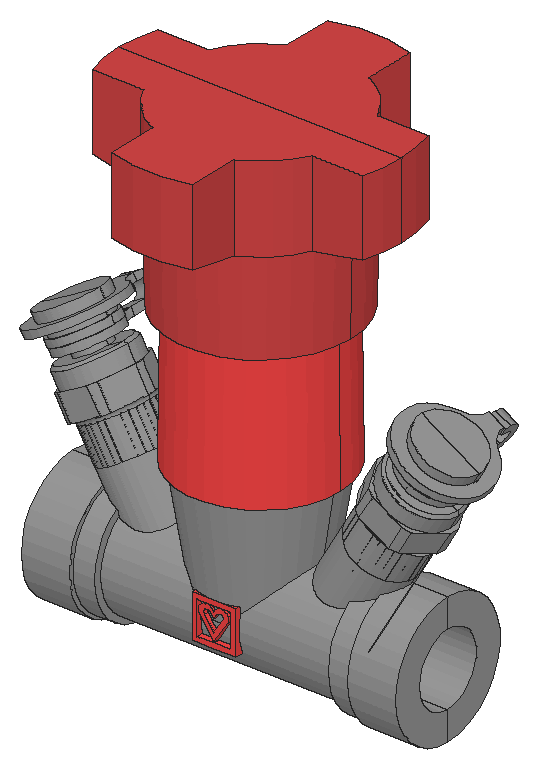
Revit family "HERZ Strömax Commissioning Valve With Test Points 4217 GN", category Rohrzubehör, Revit 2019
Family settings
  Bemaßung runder Anschluss = Durchmesser verwenden
  Teiletyp = Unterbricht
  OmniClass-Nummer = 23.65.55.14
  OmniClass-Titel = Valves for Liquid Services
  Arbeitsebenenbasiert = Nein
  Immer vertikal = Ja
  Beim Laden mit Abzugskörper schneiden = Nein
  Gemeinsam genutzt = Nein
Parameters
  kvs-value [instance] = if(Nennweite = 15.00 mm, 1.14, if(Nennweite = 20.00 mm, 2.38, if(Nennweite = 25.00 mm, 5.24, if(Nennweite = 32.00 mm, 8.6, if(Nennweite = 40.00 mm, 10.49, if(Nennweite = 50.00 mm, 16.78, 0))))))  # 1.14
  W02 = 60.00°  # constant formula
  W01 = 30.00°  # constant formula
  URL = "www.herzvalves.com"
  Spindle seals = "EPDM"  # constant formula
  Spindle = "brass CW617N"  # constant formula
  SC_NennweiteBerechnet = 0
  SC_Dimension = ""
  SCRNSEQ = "ARM;ARM_TYP=\"STRV\";2"
  SCRNCODE = "05;07;02"  # constant formula
  S02 = 60.00 mm  # constant formula
  S01 [instance] = DN15_DN50  # 92.00 mm
  R01 [instance] = size_lookup("4217_GN_", "R1", 1.00 mm, Nennweite)  # 11.35 mm
  Part number [instance] = size_lookup("4217_GN_", "Artnr", 0, Nennweite)  # 1421771
  Nennweite [instance] = 15.00 mm
  Model = "STRÖMAX-GN commissioning valve with equal percentage characteristic graph and test points, 1/2′′ – 2′′.\r\nScrew down model, brass version, socket x socket, non-rising spindle, spindle seal by means of double-O-ring, presetting by limitation of valve lift by means of internal spindle;\r\ndisplay of presetting step on the handwheel shaft."
  Medium = "Water purity in accordance with the OeNORM H5195 and VDI 2035 standards.\r\nEthylene and propylene glycol can be mixed to a ratio of 25 - 50 vol. %."
  Max. operating pressure = 2500000.0 Pa  # constant formula
  Max. operating temperature (up to DN32) = 130 °C  # constant formula
  Max. operating temperature (from DN40) = 110 °C  # constant formula
  ML02 [instance] = size_lookup("4217_GN_", "ML2", 1.00 mm, Nennweite)  # 29.70 mm
  ML01 [instance] = size_lookup("4217_GN_", "ML1", 1.00 mm, Nennweite)  # 15.15 mm
  MD01 = 7.40 mm  # constant formula
  L02 [instance] = size_lookup("4217_GN_", "L2", 1.00 mm, Nennweite)  # 10.00 mm
  L01 [instance] = size_lookup("4217_GN_", "L1", 1.00 mm, Nennweite)  # 14.70 mm
  L00 [instance] = size_lookup("4217_GN_", "L", 1.00 mm, Nennweite)  # 78.00 mm
  Internal threaded connectors = "acc. ISO 7/1"  # constant formula
  IG [instance] = Nennweite / 2  # 7.50 mm
  Hersteller = "HERZ Armaturen Ges.m.b.H."  # constant formula
  Hand wheel = "Polyamide, red"  # constant formula
  H01 = 41.50 mm  # constant formula
  H00 [instance] = size_lookup("4217_GN_", "H", 1.00 mm, Nennweite)  # 25.40 mm
  Weight [instance] = if(Nennweite = 15.00 mm, "0.50 kg", if(Nennweite = 20.00 mm, "0.58 kg", if(Nennweite = 25.00 mm, "0.81 kg", if(Nennweite = 32.00 mm, "1.2 kg", if(Nennweite = 40.00 mm, "1.37 kg", if(Nennweite = 50.00 mm, "2.06 kg", "0 kg"))))))  # "0.50 kg"
  GT [instance] = size_lookup("4217_GN_", "GT", 1.00 mm, Nennweite)  # 13.20 mm
  Field of application = "For hydraulic balancing in heating and cooling systems, adjustment of distribution mains, circuits, heat exchangers, heating and cooling registers, etc.\r\nClose the valve clockwise."
  Installation position = "The non-rising valve spindle arranged perpendicular to the valve axis guarantees optimum accessibility and optimum valve operation in any installation position."
  Differential pressure measurement = "STRÖMAX-GN commissioning valve is equipped with two test points.\r\nThe differential pressure can be measured using a suitable measuring instrument, which permits calculation of the flow rate as a function of the respective presetting step.\r\nThe HERZ-Measuring computer (1 8900 05) permits direct flow rate reading (consult the equipment manual)."
  DN50 [instance] = Nennweite = 50.00 mm  # no
  DN40 [instance] = Nennweite = 40.00 mm  # no
  DN32 [instance] = Nennweite = 32.00 mm  # no
  DN25 [instance] = Nennweite = 25.00 mm  # no
  DN20 [instance] = Nennweite = 20.00 mm  # no
  DN15_DN50 [instance] = if(Nennweite = 15.00 mm, 92.00 mm, if(Nennweite = 20.00 mm, 95.00 mm, if(Nennweite = 25.00 mm, 102.00 mm, if(Nennweite = 32.00 mm, 114.00 mm, if(Nennweite = 40.00 mm, 114.00 mm, if(Nennweite = 50.00 mm, 119.00 mm, 0.00 mm))))))  # 92.00 mm
  DN15 [instance] = Nennweite = 15.00 mm  # yes
  D05 = 16.75 mm  # constant formula
  D04 = 16.25 mm  # constant formula
  D03 [instance] = size_lookup("4217_GN_", "D3", 1.00 mm, Nennweite)  # 15.50 mm
  D02 [instance] = size_lookup("4217_GN_", "D2", 1.00 mm, Nennweite)  # 13.50 mm
  D01 [instance] = size_lookup("4217_GN_", "D1", 1.00 mm, Nennweite)  # 12.70 mm
  Body = "brass CW602N"  # constant formula
Reference planes
  plane 1 "Mitte (Vorne/hinten)": y = 0
  plane 2: z = 0
  plane 3 "Mitte (Links/rechts)": x = 0
Forms (mm)
  Revolve 1, solid, material "Messing, weicher Gelbton, geschweißt", detail levels fine
    sketch origin (0, 0, 0) x (1, 0, 0) y (0, 0, 1)
      loop
        line (-39, 13.5) -> (-39, 7.5) -> (-25.8, 7.5) -> (-25.8, 0) -> (25.8, 0) -> (25.8, 7.5) -> (39, 7.5) -> (39, 13.5) -> (29, 13.5) -> (29, 12.7) -> (24.3, 12.7) -> (24.3, 11.35) -> (-24.3, 11.35) -> (-24.3, 12.7) -> (-29, 12.7) -> (-29, 13.5) -> (-39, 13.5)
      axis (-39, 0) -> (39, 0)
    angle from 0 to 360
  Revolve 2, solid, material "Messing, weicher Gelbton, geschweißt", detail levels fine
    sketch origin (0, 0, 0) x (1, 0, 0) y (0, 0, 1)
      loop
        line (15.15, 0) -> (30, 25.721) -> (23.591, 29.421) -> (8.741, 3.7) -> (15.15, 0)
      axis (15.15, 0) -> (30, 25.721)
    angle from 0 to 360
  Revolve 3, solid, material "Messing, weicher Gelbton, geschweißt", detail levels fine
    sketch origin (0, 0, 0) x (-1, 0, 0) y (0, 0, 1)
      loop
        line (15.15, 0) -> (30, 25.721) -> (23.591, 29.421) -> (8.741, 3.7) -> (15.15, 0)
      axis (15.15, 0) -> (30, 25.721)
    angle from 0 to 360
  Revolve 4, solid, material "Messing, weicher Gelbton, geschweißt", detail levels fine
    sketch origin (0, 0, 0) x (1, 0, 0) y (0, 0, 1)
      loop
        line (0, 0) -> (0, 25.4) -> (-15.5, 25.4) -> (-11.35, 0) -> (0, 0)
      axis (0, 25.4) -> (0, 0)
    angle from 0 to 360
  Revolve 5, solid, material "Kunsstoff rot", detail levels fine
    sketch origin (0, 0, 0) x (1, 0, 0) y (0, 0, 1)
      loop
        line (0, 25.4) -> (0, 66.9) -> (-16.25, 66.9) -> (-16.75, 25.4) -> (0, 25.4)
      axis (0, 66.9) -> (0, 25.4)
    angle from 0 to 360
Lines and regions (mm)
  model lines, detail levels coarse+medium
    curve 1: line (-39, 0, 13.5) -> (-39, 0, -13.5)
    curve 2: line (-39, 0, -13.5) -> (39, 0, 13.5)
    curve 3: line (39, 0, 13.5) -> (39, 0, -13.5)
    curve 4: line (39, 0, -13.5) -> (-39, 0, 13.5)
    curve 5: line (0, 0, 0) -> (53.116, 0, 92)
    curve 6: line (27.135, 0, 107) -> (79.097, 0, 77)
    curve 7: line (-39, 13.5, 0) -> (-39, -13.5, 0)
    curve 8: line (-39, -13.5, 0) -> (39, 13.5, 0)
    curve 9: line (39, 13.5, 0) -> (39, -13.5, 0)
    curve 10: line (39, -13.5, 0) -> (-39, 13.5, 0)
    curve 11: line (0, 0, 0) -> (53.116, 92, 0)
    curve 12: line (27.135, 107, 0) -> (79.097, 77, 0)
Dimensions and locks
  "IG": Revolve 1 sketch curve to plane 2
  "GT": Revolve 1 sketch curve to Revolve 1 sketch curve  (x2)
  "IG": Revolve 1 sketch curve to Revolve 1 sketch curve
  "D01": Revolve 1 sketch curve to Revolve 1 sketch curve  (x2)
  "L02": Revolve 1 sketch curve to Revolve 1 sketch curve  (x2)
  "D02": Revolve 1 sketch curve to plane 2  (x2)
  equal spacing: Revolve 1 sketch curve, plane 3 "Mitte (Links/rechts)", Revolve 1 sketch curve
  "L00": Revolve 1 sketch curve to Revolve 1 sketch curve
  "R01": nested 1 to plane 1 "Mitte (Vorne/hinten)"
  "ML01": Revolve 2 sketch curve to plane 3 "Mitte (Links/rechts)"
  "ML02": Revolve 2 sketch curve to Revolve 2 sketch curve
  "MD01": Revolve 2 sketch curve to Revolve 2 sketch curve  (x2)
  "ML02": Revolve 3 sketch curve to Revolve 3 sketch curve
  "MD01": Revolve 3 sketch curve to Revolve 3 sketch curve  (x2)
  "ML01": plane 3 "Mitte (Links/rechts)" to Revolve 3 sketch curve
  "D02": curve 4 to plane 2 to curve 2
  "D02": curve 3 to plane 2 to curve 4
  equal spacing: curve 1, plane 3 "Mitte (Links/rechts)", curve 3
  "L00": curve 1 to curve 3
  equal spacing: Revolve 1, curve 5, Revolve 1
  "S01": curve 5 to plane 2
  equal spacing: curve 6, curve 5, curve 6
  "S02": curve 6 to curve 6
  "D02": curve 8 to plane 1 "Mitte (Vorne/hinten)" to curve 10
  "D02": curve 10 to plane 1 "Mitte (Vorne/hinten)" to curve 9
  equal spacing: curve 7, plane 3 "Mitte (Links/rechts)", curve 9
  "L00": curve 7 to curve 9
  equal spacing: curve 7, curve 11, curve 9
  "S01": plane 1 "Mitte (Vorne/hinten)" to curve 11
  equal spacing: curve 12, curve 11, curve 12
  "S02": curve 12 to curve 12
  "R01": Revolve 1 sketch curve to plane 2
  "H00": Revolve 4 sketch curve to plane 2
  "D03": Revolve 4 sketch curve to Revolve 4 sketch curve
  "R01": Revolve 4 sketch curve to Revolve 4 sketch curve
  "L01": Revolve 1 sketch curve to Revolve 1 sketch curve  (x2)
  "H01": Revolve 5 sketch curve to Revolve 5 sketch curve
  "H00": Revolve 5 sketch curve to plane 2
  "D04": Revolve 5 sketch curve to Revolve 5 sketch curve
  "D05": Revolve 5 sketch curve to Revolve 5 sketch curve
  "DN15_DN50": nested 14 to plane 2
  "W01": angle Revolve 2 sketch curve to plane 3 "Mitte (Links/rechts)"  (x2)
  "W01": angle plane 3 "Mitte (Links/rechts)" to Revolve 3 sketch curve  (x2)
  "W02": angle plane 2 to curve 5
  "W02": angle plane 1 "Mitte (Vorne/hinten)" to curve 11
  aligned and locked: level to plane 2
Automatic sketch dimensions
  Revolve 1 sketch curve to level = 0.00 mm  (x2)
  Revolve 1 sketch curve to Revolve 1 sketch curve = 1429.986 mm
  Revolve 1 sketch curve to Revolve 1 sketch curve = 1762.604 mm
  Revolve 2 sketch curve to level = 0.00 mm  (x2)
  Revolve 3 sketch curve to level = 0.00 mm  (x2)
  Revolve 4 sketch curve to level = 0.00 mm
  Revolve 4 sketch curve to plane 3 "Mitte (Links/rechts)" = 0.00 mm  (x2)
  Revolve 4 sketch curve to level = 366.045 mm
  Revolve 4 sketch curve to Revolve 4 sketch curve = 2188.915 mm
  Revolve 5 sketch curve to plane 3 "Mitte (Links/rechts)" = 0.00 mm  (x2)
  Revolve 5 sketch curve to level = 366.045 mm
  Revolve 5 sketch curve to Revolve 5 sketch curve = 2147.415 mm
Nested families
  nested 1: "Herz-Logo-vorne" at (0, -11.35, 0) x (0, 1, 0) z (0, 0, 1), type "Herz-Logo-vorne", detail levels fine
  nested 2: "Messstutzen_Band_Austritt_30Grad_(oben)" at (37.95, 0, 29.878), visible <- "DN50", type "Messstutzen_Band_Austritt_30Grad_(oben)", detail levels fine
    with Schutzkappe yes, Nennweite 0.00 mm, Gewicht 0.00 kg, Bestellnummer 0
  nested 3: "Messstutzen_Band_Eintritt_30Grad_(oben)" at (-37.95, 0, 29.878) x (-1, 0, 0) z (0, 0, 1), visible <- "DN50", type "Messstutzen_Band_Eintritt_30Grad_(oben)", detail levels fine
    with Schutzkappe yes, Nennweite 0.00 mm, Gewicht 0.00 kg, Bestellnummer 0
  nested 4: "Messstutzen_Band_Austritt_30Grad_(oben)" at (21.25, 0, 10.566), visible <- "DN15", type "Messstutzen_Band_Austritt_30Grad_(oben)", detail levels fine
    with Schutzkappe yes, Nennweite 0.00 mm, Gewicht 0.00 kg, Bestellnummer 0
  nested 5: "Messstutzen_Band_Eintritt_30Grad_(oben)" at (-21.25, 0, 10.566) x (-1, 0, 0) z (0, 0, 1), visible <- "DN15", type "Messstutzen_Band_Eintritt_30Grad_(oben)", detail levels fine
    with Schutzkappe yes, Nennweite 0.00 mm, Gewicht 0.00 kg, Bestellnummer 0
  nested 6: "Messstutzen_Band_Eintritt_30Grad_(oben)" at (-20.175, 0, 12.601) x (-1, 0, 0) z (0, 0, 1), visible <- "DN20", type "Messstutzen_Band_Eintritt_30Grad_(oben)", detail levels fine
    with Schutzkappe yes, Nennweite 0.00 mm, Gewicht 0.00 kg, Bestellnummer 0
  nested 7: "Messstutzen_Band_Austritt_30Grad_(oben)" at (20.175, 0, 12.601), visible <- "DN20", type "Messstutzen_Band_Austritt_30Grad_(oben)", detail levels fine
    with Schutzkappe yes, Nennweite 0.00 mm, Gewicht 0.00 kg, Bestellnummer 0
  nested 8: "Messstutzen_Band_Eintritt_30Grad_(oben)" at (-21.8, 0, 15.762) x (-1, 0, 0) z (0, 0, 1), visible <- "DN25", type "Messstutzen_Band_Eintritt_30Grad_(oben)", detail levels fine
    with Schutzkappe yes, Nennweite 0.00 mm, Gewicht 0.00 kg, Bestellnummer 0
  nested 9: "Messstutzen_Band_Austritt_30Grad_(oben)" at (21.8, 0, 15.762), visible <- "DN25", type "Messstutzen_Band_Austritt_30Grad_(oben)", detail levels fine
    with Schutzkappe yes, Nennweite 0.00 mm, Gewicht 0.00 kg, Bestellnummer 0
  nested 10: "Messstutzen_Band_Eintritt_30Grad_(oben)" at (-27.95, 0, 20.352) x (-1, 0, 0) z (0, 0, 1), visible <- "DN32", type "Messstutzen_Band_Eintritt_30Grad_(oben)", detail levels fine
    with Schutzkappe yes, Nennweite 0.00 mm, Gewicht 0.00 kg, Bestellnummer 0
  nested 11: "Messstutzen_Band_Austritt_30Grad_(oben)" at (27.95, 0, 20.352), visible <- "DN32", type "Messstutzen_Band_Austritt_30Grad_(oben)", detail levels fine
    with Schutzkappe yes, Nennweite 0.00 mm, Gewicht 0.00 kg, Bestellnummer 0
  nested 12: "Messstutzen_Band_Eintritt_30Grad_(oben)" at (-33.7, 0, 23.729) x (-1, 0, 0) z (0, 0, 1), visible <- "DN40", type "Messstutzen_Band_Eintritt_30Grad_(oben)", detail levels fine
    with Schutzkappe yes, Nennweite 0.00 mm, Gewicht 0.00 kg, Bestellnummer 0
  nested 13: "Messstutzen_Band_Austritt_30Grad_(oben)" at (33.7, 0, 23.729), visible <- "DN40", type "Messstutzen_Band_Austritt_30Grad_(oben)", detail levels fine
    with Schutzkappe yes, Nennweite 0.00 mm, Gewicht 0.00 kg, Bestellnummer 0
  nested 14: "Strangregulierventil-Handrad_(Rot) DN15-DN50" at (0, 0, 54.6), type "Strangregulierventil-Handrad_(Rot) DN15-DN50", detail levels fine
Connectors
  piping at (-25.8, 0, 0), diameter 15, driven by "Nennweite"
    settings: on Revolve 1, index 1, connector inside diameter 609.6 mm, connector length 0.00 mm, flow factor 0, pipe flow 0.0 L/s, pressure drop 0.0 Pa, fitting loss kfactor 0, connector angle 0.00°, fixture units 0, engagement length 0.00 mm, angle of deflection 0.00°, flow configuration 0, flow direction 1, fitting loss method 0, system type 29, joint type 0, gender type 0, connector reference index -1, connector utility 0, adjustable connector no, is connector primary yes, connector description ""
  piping at (25.8, 0, 0), diameter 15, driven by "Nennweite"
    settings: on Revolve 1, index 2, connector inside diameter 609.6 mm, connector length 0.00 mm, flow factor 0, pipe flow 0.0 L/s, pressure drop 0.0 Pa, fitting loss kfactor 0, connector angle 0.00°, fixture units 0, engagement length 0.00 mm, angle of deflection 0.00°, flow configuration 0, flow direction 2, fitting loss method 0, system type 29, joint type 0, gender type 0, connector reference index -1, connector utility 0, adjustable connector no, is connector primary no, connector description ""
Definition of nested family "Herz-Logo-vorne"
  Reference planes
    plane 1 "Mitte (Vorne/hinten)": y = 0
    plane 2: z = 0
    plane 3 "Mitte (Links/rechts)": x = 0
  Forms (mm)
    Extrusion 1, solid
      sketch origin (0.732, -0.018, 0.017) x (0, -1, 0) y (0, 0, 1)
        loop
          line (-0.018, -4.517) -> (4.482, -4.517) -> (4.482, 4.483) -> (-4.518, 4.483) -> (-4.518, -4.517) -> (-0.018, -4.517)
        loop
          line (-0.05, -3.48) -> (3.482, -3.48) -> (3.482, 3.483) -> (-3.518, 3.483) -> (-3.518, -3.48) -> (-0.05, -3.48)
        loop
          arc (-0.018, 2.383) -> (-1.543, 3.287) -> (-3.067, 2.383) r 1.738
          arc (-3.067, 2.383) -> (-3.191, 1.899) -> (-3.067, 1.415) r 1.009
          line (-3.067, 1.415) -> (-0.018, -3.281) -> (3.032, 1.415)
          arc (3.032, 1.415) -> (3.156, 1.899) -> (3.032, 2.383) r 1.009
          arc (3.032, 2.383) -> (1.507, 3.287) -> (-0.018, 2.383) r 1.738
        loop
          arc (1.885, 1.272) -> (2.005, 1.675) -> (1.885, 2.079) r 0.74
          arc (1.885, 2.079) -> (1.265, 2.416) -> (0.644, 2.079) r 0.74
          line (0.644, 2.079) -> (-0.018, 0.97) -> (-0.679, 2.079)
          arc (-0.679, 2.079) -> (-1.3, 2.416) -> (-1.921, 2.079) r 0.74
          arc (-1.921, 2.079) -> (-2.04, 1.675) -> (-1.921, 1.272) r 0.74
          line (-1.921, 1.272) -> (-0.018, -1.658) -> (1.885, 1.272)
      from 0 to 1.5
  Dimensions and locks
    aligned and locked: level to plane 2
Definition of nested family "Messstutzen_Band_Austritt_30Grad_(oben)"
  Parameters (values of type "Messstutzen_Band_Austritt_30Grad_(oben)")
    URL = "www.herz-armaturen.at"
    Schutzkappe [instance] = yes
    Nennweite [instance] = 0.00 mm
    Manufacturer = "Herz Armaturen GmbH"  # constant formula
    Gewicht [instance] = 0.00 kg
    Bestellnummer [instance] = 0
  Reference planes
    plane 1 "Mitte (Vorne/hinten)": y = 0
    plane 2: z = 0
    plane 3 "Mitte (Links/rechts)": x = 0
  Forms (mm)
    Revolve 1, solid, detail levels fine
      sketch origin (0, 0, 0) x (0.866025, 0, -0.5) y (0.5, 0, 0.866025)
        loop
          line (-7.4, 9) -> (-5.55, 9) -> (-5.55, 6)
          arc (-5.55, 6) -> (-5.626, 5.617) -> (-5.843, 5.293) r 1
          line (-5.843, 5.293) -> (-6.455, 4.681) -> (-6.455, 0.9) -> (-5.555, 0) -> (-2, 0) -> (-2, 17.5) -> (-8.4, 17.5)
          arc (-8.4, 17.5) -> (-7.693, 17.207) -> (-7.4, 16.5) r 1
          line (-7.4, 16.5) -> (-7.4, 9)
        loop
          line (-3.7, 27) -> (-7.3, 27) -> (-7.9, 26.4) -> (-7.9, 23) -> (-2, 23) -> (-2, 35.8) -> (-3.805, 35.8) -> (-4.415, 35.19) -> (-4.415, 30.863) -> (-3.7, 30.45) -> (-3.7, 27)
        axis (0, 0) -> (0, 35.8)
      angle from 0 to 360
    Extrusion 2, solid, detail levels fine
      sketch origin (8.75, 0, 15.155) x (0, 1, 0) y (-0.866025, 0, 0.5)
        loop
          arc (-7.07, 5.156) -> (-7.578, 4.375) -> (-8, 3.544) r 8.75
          line (-8, 3.544) -> (-8, -3.544)
          arc (-8, -3.544) -> (-7.578, -4.375) -> (-7.07, -5.156) r 8.75
          line (-7.07, -5.156) -> (-0.93, -8.7)
          arc (-0.93, -8.7) -> (0, -8.75) -> (0.93, -8.7) r 8.75
          line (0.93, -8.7) -> (7.07, -5.156)
          arc (7.07, -5.156) -> (7.578, -4.375) -> (8, -3.544) r 8.75
          line (8, -3.544) -> (8, 3.544)
          arc (8, 3.544) -> (7.578, 4.375) -> (7.07, 5.156) r 8.75
          line (7.07, 5.156) -> (0.93, 8.7)
          arc (0.93, 8.7) -> (0, 8.75) -> (-0.93, 8.7) r 8.75
          line (-0.93, 8.7) -> (-7.07, 5.156)
      from 0 to 5.5
    Revolve 3, solid, visible <- "Schutzkappe", detail levels fine
      sketch origin (0, 0, 0) x (0.866025, 0, -0.5) y (0.5, 0, 0.866025)
        loop
          line (0, 35.878) -> (0, 36.678) -> (-7, 36.678) -> (-7, 33.378) -> (-6.1, 33.378) -> (-6.1, 31.678) -> (-6.9, 31.678) -> (-6.9, 30.178) -> (-4.415, 30.178) -> (-4.415, 35.268) -> (-3.805, 35.878) -> (0, 35.878)
        axis (0, 30.178) -> (0, 36.678)
      angle from 0 to 360
    Extrusion 4, solid, detail levels fine
      sketch origin (14.25, 0, 24.682) x (0, 1, 0) y (0.866025, 0, -0.5)
        loop
          circle (0, 0) r 3.7
        loop
          arc (5.505, -3.906) -> (7.288, -2.358) -> (9.582, -1.8) r 5
          line (9.582, -1.8) -> (9.582, 1.8)
          arc (9.582, 1.8) -> (7.288, 2.358) -> (5.505, 3.906) r 5
          arc (5.505, 3.906) -> (-6.75, 0) -> (5.505, -3.906) r 6.75
      from 0 to -1.5
    Extrusion 5, solid, detail levels fine
      sketch origin (16.589, 0, 28.733) x (0, 1, 0) y (0.866025, 0, -0.5)
        loop
          circle (0, 0) r 6.1
        loop
          arc (8.652, -4.495) -> (10.493, -2.527) -> (13.089, -1.8) r 5
          line (13.089, -1.8) -> (13.089, 1.8)
          arc (13.089, 1.8) -> (10.493, 2.527) -> (8.652, 4.495) r 5
          arc (8.652, 4.495) -> (-9.75, 0) -> (8.652, -4.495) r 9.75
      from 0 to -1.5
    Sweep 6, solid, detail levels fine
      path origin (1.029, 0.159, 0.98) x (-0.5, 0, -0.866025) y (0, 1, 0)
        loop
          line (-27.75, 9.582) -> (-27.75, 14.522)
          arc (-27.75, 14.522) -> (-30.089, 16.862) -> (-32.428, 14.522) r 2.339
          line (-32.428, 14.522) -> (-32.428, 13.089)
      profile origin (14.904, 12.211, 25.012) x (0.5, 0, 0.866025) y (0.866025, 0, -0.5)
        loop
          line (-0.75, -1.8) -> (0.75, -1.8) -> (0.75, 1.8) -> (-0.75, 1.8) -> (-0.75, -1.8)
  Dimensions and locks
    aligned and locked: level to plane 2
Definition of nested family "Messstutzen_Band_Eintritt_30Grad_(oben)"
  Parameters (values of type "Messstutzen_Band_Eintritt_30Grad_(oben)")
    URL = "www.herz-armaturen.at"
    Schutzkappe [instance] = yes
    Nennweite [instance] = 0.00 mm
    Manufacturer = "Herz Armaturen GmbH"  # constant formula
    Gewicht [instance] = 0.00 kg
    Bestellnummer [instance] = 0
  Reference planes
    plane 1 "Mitte (Vorne/hinten)": y = 0
    plane 2: z = 0
    plane 3 "Mitte (Links/rechts)": x = 0
  Forms (mm)
    Revolve 1, solid, detail levels fine
      sketch origin (0, 0, 0) x (0.866025, 0, -0.5) y (0.5, 0, 0.866025)
        loop
          line (-7.4, 9) -> (-5.55, 9) -> (-5.55, 6)
          arc (-5.55, 6) -> (-5.626, 5.617) -> (-5.843, 5.293) r 1
          line (-5.843, 5.293) -> (-6.455, 4.681) -> (-6.455, 0.9) -> (-5.555, 0) -> (-2, 0) -> (-2, 17.5) -> (-8.4, 17.5)
          arc (-8.4, 17.5) -> (-7.693, 17.207) -> (-7.4, 16.5) r 1
          line (-7.4, 16.5) -> (-7.4, 9)
        loop
          line (-3.7, 27) -> (-7.3, 27) -> (-7.9, 26.4) -> (-7.9, 23) -> (-2, 23) -> (-2, 35.8) -> (-3.805, 35.8) -> (-4.415, 35.19) -> (-4.415, 30.863) -> (-3.7, 30.45) -> (-3.7, 27)
        axis (0, 0) -> (0, 35.8)
      angle from 0 to 360
    Extrusion 2, solid, detail levels fine
      sketch origin (8.75, 0, 15.155) x (0, 1, 0) y (-0.866025, 0, 0.5)
        loop
          arc (-7.07, 5.156) -> (-7.578, 4.375) -> (-8, 3.544) r 8.75
          line (-8, 3.544) -> (-8, -3.544)
          arc (-8, -3.544) -> (-7.578, -4.375) -> (-7.07, -5.156) r 8.75
          line (-7.07, -5.156) -> (-0.93, -8.7)
          arc (-0.93, -8.7) -> (0, -8.75) -> (0.93, -8.7) r 8.75
          line (0.93, -8.7) -> (7.07, -5.156)
          arc (7.07, -5.156) -> (7.578, -4.375) -> (8, -3.544) r 8.75
          line (8, -3.544) -> (8, 3.544)
          arc (8, 3.544) -> (7.578, 4.375) -> (7.07, 5.156) r 8.75
          line (7.07, 5.156) -> (0.93, 8.7)
          arc (0.93, 8.7) -> (0, 8.75) -> (-0.93, 8.7) r 8.75
          line (-0.93, 8.7) -> (-7.07, 5.156)
      from 0 to 5.5
    Revolve 3, solid, visible <- "Schutzkappe", detail levels fine
      sketch origin (0, 0, 0) x (0.866025, 0, -0.5) y (0.5, 0, 0.866025)
        loop
          line (0, 35.878) -> (0, 36.678) -> (-7, 36.678) -> (-7, 33.378) -> (-6.1, 33.378) -> (-6.1, 31.678) -> (-6.9, 31.678) -> (-6.9, 30.178) -> (-4.415, 30.178) -> (-4.415, 35.268) -> (-3.805, 35.878) -> (0, 35.878)
        axis (0, 30.178) -> (0, 36.678)
      angle from 0 to 360
    Extrusion 4, solid, detail levels fine
      sketch origin (14.25, 0, 24.682) x (0, 1, 0) y (0.866025, 0, -0.5)
        loop
          circle (0, 0) r 3.7
        loop
          arc (5.505, -3.906) -> (7.288, -2.358) -> (9.582, -1.8) r 5
          line (9.582, -1.8) -> (9.582, 1.8)
          arc (9.582, 1.8) -> (7.288, 2.358) -> (5.505, 3.906) r 5
          arc (5.505, 3.906) -> (-6.75, 0) -> (5.505, -3.906) r 6.75
      from 0 to -1.5
    Extrusion 5, solid, detail levels fine
      sketch origin (16.589, 0, 28.733) x (0, 1, 0) y (0.866025, 0, -0.5)
        loop
          circle (0, 0) r 6.1
        loop
          arc (8.652, -4.495) -> (10.493, -2.527) -> (13.089, -1.8) r 5
          line (13.089, -1.8) -> (13.089, 1.8)
          arc (13.089, 1.8) -> (10.493, 2.527) -> (8.652, 4.495) r 5
          arc (8.652, 4.495) -> (-9.75, 0) -> (8.652, -4.495) r 9.75
      from 0 to -1.5
    Sweep 6, solid, detail levels fine
      path origin (0.933, -0.183, 1.116) x (-0.5, 0, -0.866025) y (0, 1, 0)
        loop
          line (-27.75, 9.582) -> (-27.75, 14.522)
          arc (-27.75, 14.522) -> (-30.089, 16.862) -> (-32.428, 14.522) r 2.339
          line (-32.428, 14.522) -> (-32.428, 13.089)
      profile origin (14.808, 11.869, 25.148) x (0.5, 0, 0.866025) y (0.866025, 0, -0.5)
        loop
          line (-0.75, -1.8) -> (0.75, -1.8) -> (0.75, 1.8) -> (-0.75, 1.8) -> (-0.75, -1.8)
  Dimensions and locks
    aligned and locked: level to plane 2
Definition of nested family "Strangregulierventil-Handrad_(Rot) DN15-DN50"
  Reference planes
    plane 1 "Mitte (Vorne/hinten)": y = 0
    plane 2: z = 0
    plane 3 "Mitte (Links/rechts)": x = 0
  Forms (mm)
    Revolve 1, solid, detail levels fine
      sketch origin (0, 0, 0) x (1, 0, 0) y (0, 0, 1)
        loop
          line (0, 0) -> (0, 37.4) -> (-29.4, 37.4) -> (-29.4, 21.6) -> (-19.25, 19.5) -> (-18.9, 0) -> (0, 0)
        axis (0, 37.4) -> (0, 0)
      angle from 0 to 360
    Extrusion 2, void
      sketch origin (0, 0, 0) x (1, 0, 0) y (0, 1, 0)
        loop
          arc (-8.5, 17.528) -> (-13.774, 13.774) -> (-17.528, 8.5) r 19.48
          line (-17.528, 8.5) -> (-28.144, 8.5)
          arc (-28.144, 8.5) -> (-29.4, 0) -> (-28.144, -8.5) r 29.4
          line (-28.144, -8.5) -> (-17.528, -8.5)
          arc (-17.528, -8.5) -> (-13.774, -13.774) -> (-8.5, -17.528) r 19.48
          line (-8.5, -17.528) -> (-8.5, -28.144)
          arc (-8.5, -28.144) -> (0, -29.4) -> (8.5, -28.144) r 29.4
          line (8.5, -28.144) -> (8.5, -17.528)
          arc (8.5, -17.528) -> (13.774, -13.774) -> (17.528, -8.5) r 19.48
          line (17.528, -8.5) -> (28.144, -8.5)
          arc (28.144, -8.5) -> (29.4, 0) -> (28.144, 8.5) r 29.4
          line (28.144, 8.5) -> (17.528, 8.5)
          arc (17.528, 8.5) -> (13.774, 13.774) -> (8.5, 17.528) r 19.48
          line (8.5, 17.528) -> (8.5, 28.144)
          arc (8.5, 28.144) -> (0, 29.4) -> (-8.5, 28.144) r 29.4
          line (-8.5, 28.144) -> (-8.5, 17.528)
        loop
          circle (0, 0) r 33
      from 17.15 to 46.765
  Cuts and joins
    Extrusion 2 cuts Revolve 1
  Dimensions and locks
    aligned and locked: level to plane 2
